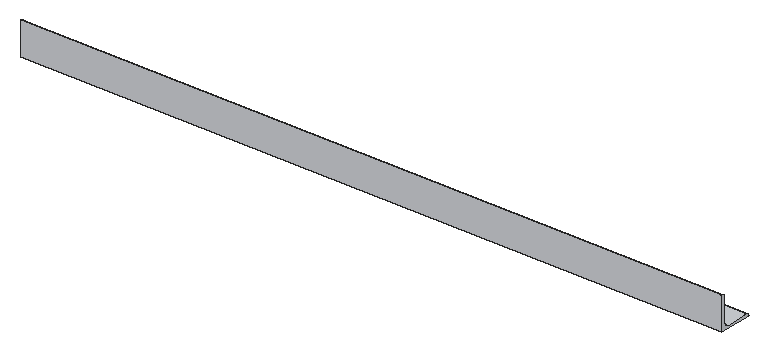
Revit family "AVLN_Набор перемычек", category Обобщенные модели, Revit 2021 (continued)
Types (59, lengths in mm): name | Элемент 9(3) | Элемент 8(2) | Элемент 6(1) | Элемент 5(1) | Элемент 4(1) | Элемент 3(1) | Элемент 2(1) | Элемент 1(1)_Материал | Элемент 1(1) | Ширина проема Элементы8(2)_9(3) | Элементы соединительные(3) | Шаг анкера | Стена_толщина | Полка_правая | Полка_левая | Отступ анкера | Количество анкеров на уголок | Горизонтальное смещение Элемент1-6(1) | Расчетное расстояние от произвольной плоскости | Соединительные Привязка_Элемент 9(3) | Высота Элемент 8(2) | Элементы крепления(2) | Отступ Элемент 8(2) | Высота Элемент 9(3) | Элемент 6(1)_Видимость | Элемент 5(1)_Видимость | Элемент 4(1)_Видимость | Элемент 3(1)_Видимость | Элемент 2(1)_Видимость | Высота Элемент 1(1) | Отступ от 5 до 6 | Отступ от 4 до 5 | Отступ от 3 до 4 | Отступ от 2 до 3 | Отступ от 1 до 2 | Отступ до Элемент 1 | Крепление_Справа_Видимость | Крепление_Справа(2) | Крепление_Слева_Видимость | Крепление_Слева(2) | Количество горизонтальных элементов | Высота Анкер | Анкер_справа_2_видимость | Анкер_справа_1_видимость | Анкер_слева_2_видимость | Анкер_слева_1_видимость | Анкер справа | Анкер слева
  Перемычка_ЖБ_1ПБ 13-1 1290 2 шт. | Перемычки - Пластина (ГОСТ 103-76) : 80х6, L=250 | Перемычки - Уголок (ГОСТ 8509-93)(Поворот.Зеркальный) : 125х8, L=200(Пов. 180) | Перемычки - Уголок (ГОСТ 8509-93)1 : 125х8, L=200 2 | Перемычки ЖБ : 3ПБ27-8-П *2380 | Перемычки ЖБ : 4ПБ48-8-П *4380 | Перемычки ЖБ : 2ПБ10-1-П *830 | Перемычки ЖБ : 1ПБ 13-1-п | none | Перемычки ЖБ : 1ПБ 13-1-п | 1010 | no | 150 | 250 | 140 | 140 | 50 | 2 | 0 | 2500 | 255 | -2.6 | no | 105 | 0 | no | no | no | no | yes | 0 | 140 | 130 | 146.078 | 165 | 130 | 0 | no | no | no | no | 2 | 50 | no | no | no | no | no | no
  Перемычка_ППБ 1795.25.25 | Перемычки - Пластина (ГОСТ 103-76) : 80х6, L=250 | Перемычки - Уголок (ГОСТ 8509-93)(Поворот-Зеркальный) : 70х5, L=250(Пов. 180) | Перемычки - Уголок (ГОСТ 8509-93)1 : 70х5, L=250 | Перемычки ЖБ : 3ПБ27-8-П *2380 | Перемычки ЖБ : 4ПБ48-8-П *4380 | Перемычки ЖБ : 2ПБ10-1-П *830 | Перемычки ЖБ : 2ПБ13-1-П *1090 | ADSK_Бетон | Перемычки ППБ : ППБ 1795.250.25 | 1795 | no | 150 | 250 | 0 | 0 | 50 | 2 | 0 | 2500 | 647.5 | 42 | yes | 0 | 0 | no | no | no | no | no | 50 | 140 | 130 | 146.078 | 165 | 125 | 0 | yes | yes | yes | yes | 1 | 50 | yes | yes | yes | yes | yes | yes
  Перемычка_ППБ 190.25.25 | Перемычки - Пластина (ГОСТ 103-76) : 80х6, L=250 | Перемычки - Уголок (ГОСТ 8509-93)(Поворот.Зеркальный) : 125х8, L=200(Пов. 180) | Перемычки - Уголок (ГОСТ 8509-93)1 : 125х8, L=200 2 | Перемычки ЖБ : 3ПБ27-8-П *2380 | Перемычки ЖБ : 4ПБ48-8-П *4380 | Перемычки ЖБ : 2ПБ10-1-П *830 | Перемычки ЖБ : 2ПБ13-1-П *1090 | ADSK_Бетон | Перемычки ППБ : ППБ 190.250.25 | 1275 | no | 150 | 250 | 0 | 0 | 50 | 2 | 0 | 2500 | 387.5 | -2.6 | no | 105 | 0 | no | no | no | no | no | 50 | 140 | 130 | 146.078 | 165 | 125 | 0 | no | no | no | no | 1 | 50 | no | no | no | no | no | no
  Перемычка_ППБ 140.25.25 | Перемычки - Пластина (ГОСТ 103-76) : 80х6, L=250 | Перемычки - Уголок (ГОСТ 8509-93)(Поворот-Зеркальный) : 70х5, L=250(Пов. 180) | Перемычки - Уголок (ГОСТ 8509-93)1 : 70х5, L=250 | Перемычки ЖБ : 3ПБ27-8-П *2380 | Перемычки ЖБ : 4ПБ48-8-П *4380 | Перемычки ЖБ : 2ПБ10-1-П *830 | Перемычки ЖБ : 2ПБ13-1-П *1090 | ADSK_Бетон | Перемычки ППБ : ППБ 140.250.25 | 1150 | no | 150 | 250 | 250 | 0 | 50 | 2 | 125 | 2625 | 325 | -8 | yes | 0 | 0 | no | no | no | no | no | 0 | 0 | 0 | 0 | 0 | 125 | 0 | yes | yes | no | no | 1 | 50 | yes | yes | no | no | yes | no
  Перемычка_ППБ 330.25.25 | Перемычки - Пластина (ГОСТ 103-76) : 80х6, L=250 | Перемычки - Уголок (ГОСТ 8509-93)(Поворот.Зеркальный) : 125х8, L=200(Пов. 180) | Перемычки - Уголок (ГОСТ 8509-93)1 : 125х8, L=200 2 | Перемычки ЖБ : 3ПБ27-8-П *2380 | Перемычки ЖБ : 4ПБ48-8-П *4380 | Перемычки ЖБ : 2ПБ10-1-П *830 | Перемычки ЖБ : 2ПБ13-1-П *1090 | ADSK_Бетон | Перемычки ППБ : ППБ 330.250.25 | 2740 | no | 150 | 250 | 0 | 0 | 50 | 2 | 0 | 2500 | 1120 | -2.6 | no | 105 | 0 | no | no | no | no | no | 50 | 140 | 130 | 146.078 | 165 | 125 | 0 | no | no | no | no | 1 | 50 | no | no | no | no | no | no
  Перемычка_ППБ 170.25.25 | Перемычки - Пластина (ГОСТ 103-76) : 80х6, L=250 | Перемычки - Уголок (ГОСТ 8509-93)(Поворот.Зеркальный) : 125х8, L=200(Пов. 180) | Перемычки - Уголок (ГОСТ 8509-93)1 : 125х8, L=200 2 | Перемычки ЖБ : 3ПБ27-8-П *2380 | Перемычки ЖБ : 4ПБ48-8-П *4380 | Перемычки ЖБ : 2ПБ10-1-П *830 | Перемычки ЖБ : 2ПБ13-1-П *1090 | ADSK_Бетон | Перемычки ППБ : ППБ 170.250.25 | 1150 | no | 150 | 250 | 0 | 0 | 50 | 2 | 0 | 2500 | 325 | -2.6 | no | 105 | 0 | no | no | no | no | no | 50 | 140 | 130 | 146.078 | 165 | 125 | 0 | no | no | no | no | 1 | 50 | no | no | no | no | no | no
  Перемычка_ППБ 310.25.25 | Перемычки - Пластина (ГОСТ 103-76) : 80х6, L=250 | Перемычки - Уголок (ГОСТ 8509-93)(Поворот.Зеркальный) : 125х8, L=200(Пов. 180) | Перемычки - Уголок (ГОСТ 8509-93)1 : 125х8, L=200 2 | Перемычки ЖБ : 3ПБ27-8-П *2380 | Перемычки ЖБ : 4ПБ48-8-П *4380 | Перемычки ЖБ : 2ПБ10-1-П *830 | Перемычки ЖБ : 2ПБ13-1-П *1090 | ADSK_Бетон | Перемычки ППБ : ППБ 310.250.25 | 2550 | no | 150 | 250 | 0 | 0 | 50 | 2 | 0 | 2500 | 1025 | -2.6 | no | 105 | 0 | no | no | no | no | no | 0 | 140 | 130 | 146.078 | 165 | 125 | 0 | no | no | no | no | 1 | 50 | no | no | no | no | no | no
  Перемычка_Уголок_70х70х5 L=1330 к ЖБ справа | Перемычки - Пластина (ГОСТ 103-76) : 80х6, L=250 | Перемычки - Уголок (ГОСТ 8509-93)(Поворот-Зеркальный) : 70х5, L=250(Пов. 180) | Перемычки - Уголок (ГОСТ 8509-93)1 : 125х8, L=200 | Перемычки ЖБ : 3ПБ27-8-П *2380 | Перемычки ЖБ : 4ПБ48-8-П *4380 | Перемычки ЖБ : 2ПБ10-1-П *830 | Перемычки - Уголок (ГОСТ 8509-93)(Зеркальный) : 70х5, L=1330(Зеркальный) | none | Перемычки - Уголок (ГОСТ 8509-93)1 : 70х5, L=1330 | 1100 | yes | 150 | 250 | 220 | 0 | 50 | 2 | 110 | 2610 | 300 | -10 | yes | 0 | 0 | no | no | no | no | yes | 0 | 0 | 0 | 0 | 0 | 250 | 0 | no | no | yes | yes | 2 | 30 | no | no | yes | yes | no | yes
  Перемычка_Уголок_70х70х5 L=1300(1 уголок) К ЖБ справа | BRU_БетонныеПеремычки : 1ПБ10-1 | Перемычки - Уголок (ГОСТ 8509-93)1 : 70х5, L=90 | Перемычки - Уголок (ГОСТ 8509-93)1 : 125х8, L=200 | Перемычки ЖБ : 3ПБ27-8-П *2380 | Перемычки ЖБ : 4ПБ48-8-П *4380 | Перемычки ЖБ : 2ПБ10-1-П *830 | BRU_БетонныеПеремычки : 1ПБ10-1 | none | Перемычки - Уголок (ГОСТ 8509-93)1 : 70х5, L=1300 | 1000 | no | 150 | 90 | 290 | 0 | 50 | 1 | 145 | 2645 | 250 | -10 | yes | 0 | 0 | no | no | no | no | no | 0 | 0 | 0 | 0 | 0 | 250 | 0 | yes | yes | no | no | 1 | 50 | no | yes | no | no | yes | no
  Перемычка_ППБ 3025.25.14_Крепление с двух сторон | Перемычки - Пластина (ГОСТ 103-76) : 80х6, L=250 | Перемычки - Уголок (ГОСТ 8509-93)(Поворот-Зеркальный) : 70х5, L=250(Пов. 180) | Перемычки - Уголок (ГОСТ 8509-93)1 : 125х8, L=200 2 | Перемычки ЖБ : 3ПБ27-8-П *2380 | Перемычки ЖБ : 4ПБ48-8-П *4380 | Перемычки ЖБ : 2ПБ10-1-П *830 | Перемычки ЖБ : 2ПБ13-1-П *1090 | none | Перемычки ППБ : ППБ 3025.25.14 | 2670 | no | 150 | 250 | 242.5 | 102.5 | 50 | 2 | 70 | 2570 | 1085 | -8 | yes | 0 | 0 | no | no | no | no | no | 0 | 140 | 130 | 146.078 | 165 | 125 | 0 | yes | yes | yes | yes | 1 | 30 | yes | yes | yes | yes | yes | yes
  Перемычка_ППБ 318.25.14_Крепление с двух сторон | Перемычки - Пластина (ГОСТ 103-76) : 80х6, L=250 | Перемычки - Уголок (ГОСТ 8509-93)(Поворот-Зеркальный) : 70х5, L=250(Пов. 180) | Перемычки - Уголок (ГОСТ 8509-93)1 : 125х8, L=200 2 | Перемычки ЖБ : 3ПБ27-8-П *2380 | Перемычки ЖБ : 4ПБ48-8-П *4380 | Перемычки ЖБ : 2ПБ10-1-П *830 | Перемычки ЖБ : 2ПБ13-1-П *1090 | none | Перемычки ППБ : ППБ 318.25.14 | 2670 | no | 150 | 250 | 255 | 255 | 50 | 2 | 0 | 2500 | 1085 | -8 | yes | 0 | 0 | no | no | no | no | no | 0 | 140 | 130 | 146.078 | 165 | 125 | 0 | yes | yes | yes | yes | 1 | 30 | yes | yes | yes | yes | yes | yes
  Перемычка_ППБ 330.25.14 | Перемычки - Пластина (ГОСТ 103-76) : 80х6, L=250 | Перемычки - Уголок (ГОСТ 8509-93)(Поворот.Зеркальный) : 125х8, L=200(Пов. 180) | Перемычки - Уголок (ГОСТ 8509-93)1 : 125х8, L=200 2 | Перемычки ЖБ : 3ПБ27-8-П *2380 | Перемычки ЖБ : 4ПБ48-8-П *4380 | Перемычки ЖБ : 2ПБ10-1-П *830 | Перемычки ЖБ : 2ПБ13-1-П *1090 | ADSK_Бетон | Перемычки ППБ : ППБ 330.25.14 | 2740 | no | 150 | 250 | 0 | 0 | 50 | 2 | 0 | 2500 | 1120 | -2.6 | no | 105 | 0 | no | no | no | no | no | 0 | 140 | 130 | 146.078 | 165 | 125 | 0 | no | no | no | no | 1 | 50 | no | no | no | no | no | no
  Перемычка_ППБ 3330.25.14_Крепление с двух сторон | Перемычки - Пластина (ГОСТ 103-76) : 80х6, L=250 | Перемычки - Уголок (ГОСТ 8509-93)(Поворот-Зеркальный) : 70х5, L=250(Пов. 180) | Перемычки - Уголок (ГОСТ 8509-93)1 : 125х8, L=200 2 | Перемычки ЖБ : 3ПБ27-8-П *2380 | Перемычки ЖБ : 4ПБ48-8-П *4380 | Перемычки ЖБ : 2ПБ10-1-П *830 | Перемычки ЖБ : 2ПБ13-1-П *1090 | none | Перемычки ППБ : ППБ 3330.25.14 | 2670 | no | 150 | 250 | 300 | 300 | 50 | 2 | 0 | 2500 | 1085 | -8 | yes | 0 | 0 | no | no | no | no | no | 0 | 140 | 130 | 146.078 | 165 | 125 | 0 | yes | yes | yes | yes | 1 | 30 | yes | yes | yes | yes | yes | yes
  Перемычка_ППБ 3285.25.14_Крепление с двух сторон | Перемычки - Пластина (ГОСТ 103-76) : 80х6, L=250 | Перемычки - Уголок (ГОСТ 8509-93)(Поворот-Зеркальный) : 70х5, L=250(Пов. 180) | Перемычки - Уголок (ГОСТ 8509-93)1 : 125х8, L=200 2 | Перемычки ЖБ : 3ПБ27-8-П *2380 | Перемычки ЖБ : 4ПБ48-8-П *4380 | Перемычки ЖБ : 2ПБ10-1-П *830 | Перемычки ЖБ : 2ПБ13-1-П *1090 | none | Перемычки ППБ : ППБ 3285.25.14 | 2670 | no | 150 | 250 | 300 | 300 | 50 | 2 | 0 | 2500 | 1085 | -8 | yes | 0 | 0 | no | no | no | no | no | 0 | 140 | 130 | 146.078 | 165 | 125 | 0 | yes | yes | yes | yes | 1 | 30 | yes | yes | yes | yes | yes | yes
  Перемычка_ППБ 305.25.14 | Перемычки - Пластина (ГОСТ 103-76) : 80х6, L=250 | Перемычки - Уголок (ГОСТ 8509-93)(Поворот.Зеркальный) : 125х8, L=200(Пов. 180) | Перемычки - Уголок (ГОСТ 8509-93)1 : 125х8, L=200 2 | Перемычки ЖБ : 3ПБ27-8-П *2380 | Перемычки ЖБ : 4ПБ48-8-П *4380 | Перемычки ЖБ : 2ПБ10-1-П *830 | Перемычки ЖБ : 2ПБ13-1-П *1090 | none | Перемычки ППБ : ППБ 305.25.14 | 2670 | no | 150 | 250 | 250 | 250 | 50 | 2 | 0 | 2500 | 1085 | -2.6 | no | 105 | 0 | no | no | no | no | no | 0 | 140 | 130 | 146.078 | 165 | 125 | 0 | no | no | no | no | 1 | 50 | no | no | no | no | no | no
  Перемычка_ППБ 3205.25.14_Крепление с двух сторон | Перемычки - Пластина (ГОСТ 103-76) : 80х6, L=250 | Перемычки - Уголок (ГОСТ 8509-93)(Поворот-Зеркальный) : 70х5, L=250(Пов. 180) | Перемычки - Уголок (ГОСТ 8509-93)1 : 125х8, L=200 2 | Перемычки ЖБ : 3ПБ27-8-П *2380 | Перемычки ЖБ : 4ПБ48-8-П *4380 | Перемычки ЖБ : 2ПБ10-1-П *830 | Перемычки ЖБ : 2ПБ13-1-П *1090 | none | Перемычки ППБ : ППБ 3205.25.14 | 2670 | no | 150 | 250 | 250 | 250 | 50 | 2 | 0 | 2500 | 1085 | -8 | yes | 0 | 0 | no | no | no | no | no | 0 | 140 | 130 | 146.078 | 165 | 125 | 0 | yes | yes | yes | yes | 1 | 30 | yes | yes | yes | yes | yes | yes
  Перемычка_ППБ 315.25.14_УголокСправа | Перемычки - Пластина (ГОСТ 103-76) : 80х6, L=250 | Перемычки - Уголок (ГОСТ 8509-93)(Поворот-Зеркальный) : 70х5, L=250(Пов. 180) | Перемычки - Уголок (ГОСТ 8509-93)1 : 125х8, L=200 2 | Перемычки ЖБ : 3ПБ27-8-П *2380 | Перемычки ЖБ : 4ПБ48-8-П *4380 | Перемычки ЖБ : 2ПБ10-1-П *830 | Перемычки ЖБ : 2ПБ13-1-П *1090 | none | Перемычки ППБ : ППБ 3150.25.14 | 2670 | no | 150 | 250 | 355 | 125 | 50 | 2 | 115 | 2615 | 1085 | -8 | yes | 0 | 0 | no | no | no | no | no | 0 | 140 | 130 | 146.078 | 165 | 125 | 0 | yes | yes | no | no | 1 | 30 | yes | yes | no | no | yes | no
  Перемычка_ППБ 3015.25.14_Крепление с двух сторон | Перемычки - Пластина (ГОСТ 103-76) : 80х6, L=250 | Перемычки - Уголок (ГОСТ 8509-93)(Поворот-Зеркальный) : 70х5, L=250(Пов. 180) | Перемычки - Уголок (ГОСТ 8509-93)1 : 125х8, L=200 2 | Перемычки ЖБ : 3ПБ27-8-П *2380 | Перемычки ЖБ : 4ПБ48-8-П *4380 | Перемычки ЖБ : 2ПБ10-1-П *830 | Перемычки ЖБ : 2ПБ13-1-П *1090 | none | Перемычки ППБ : ППБ 3015.25.14 | 2670 | no | 150 | 250 | 242.5 | 102.5 | 50 | 2 | 70 | 2570 | 1085 | -8 | yes | 0 | 0 | no | no | no | no | no | 0 | 140 | 130 | 146.078 | 165 | 125 | 0 | yes | yes | yes | yes | 1 | 30 | yes | yes | yes | yes | yes | yes
  Перемычка_ППБ 294.25.14_Крепление с двух сторон | Перемычки - Пластина (ГОСТ 103-76) : 80х6, L=250 | Перемычки - Уголок (ГОСТ 8509-93)(Поворот-Зеркальный) : 70х5, L=250(Пов. 180) | Перемычки - Уголок (ГОСТ 8509-93)1 : 125х8, L=200 2 | Перемычки ЖБ : 3ПБ27-8-П *2380 | Перемычки ЖБ : 4ПБ48-8-П *4380 | Перемычки ЖБ : 2ПБ10-1-П *830 | Перемычки ЖБ : 2ПБ13-1-П *1090 | none | Перемычки ППБ : ППБ 294.25.14 | 2670 | no | 150 | 250 | 130 | 130 | 50 | 2 | 0 | 2500 | 1085 | -8 | yes | 0 | 0 | no | no | no | no | no | 0 | 140 | 130 | 146.078 | 165 | 125 | 0 | yes | yes | yes | yes | 1 | 30 | yes | yes | yes | yes | yes | yes
  Перемычка_ППБ 342.25.14 | Перемычки - Пластина (ГОСТ 103-76) : 80х6, L=250 | Перемычки - Уголок (ГОСТ 8509-93)(Поворот.Зеркальный) : 125х8, L=200(Пов. 180) | Перемычки - Уголок (ГОСТ 8509-93)1 : 125х8, L=200 2 | Перемычки ЖБ : 3ПБ27-8-П *2380 | Перемычки ЖБ : 4ПБ48-8-П *4380 | Перемычки ЖБ : 2ПБ10-1-П *830 | Перемычки ЖБ : 2ПБ13-1-П *1090 | ADSK_Бетон | Перемычки ППБ : ППБ 342.25.14 | 2920 | no | 150 | 250 | 250 | 250 | 50 | 2 | 0 | 2500 | 1210 | -2.6 | no | 105 | 0 | no | no | no | no | no | 0 | 140 | 130 | 146.078 | 165 | 125 | 0 | no | no | no | no | 1 | 50 | no | no | no | no | no | no
  Перемычка_ППБ 321.25.18_Крепление с двух сторон | Перемычки - Пластина (ГОСТ 103-76) : 80х6, L=250 | Перемычки - Уголок (ГОСТ 8509-93)(Поворот-Зеркальный) : 70х5, L=250(Пов. 180) | Перемычки - Уголок (ГОСТ 8509-93)1 : 125х8, L=200 2 | Перемычки ЖБ : 3ПБ27-8-П *2380 | Перемычки ЖБ : 4ПБ48-8-П *4380 | Перемычки ЖБ : 2ПБ10-1-П *830 | Перемычки ЖБ : 2ПБ13-1-П *1090 | none | Перемычки ППБ : ППБ 321.25.18 | 2920 | no | 150 | 250 | 145 | 145 | 50 | 2 | 0 | 2500 | 1210 | -8 | yes | 0 | 0 | no | no | no | no | no | 0 | 140 | 130 | 146.078 | 165 | 125 | 0 | yes | yes | yes | yes | 1 | 30 | yes | yes | yes | yes | yes | yes
  Перемычка_ППБ 3205.25.14 | Перемычки - Пластина (ГОСТ 103-76) : 80х6, L=250 | Перемычки - Уголок (ГОСТ 8509-93)(Поворот.Зеркальный) : 125х8, L=200(Пов. 180) | Перемычки - Уголок (ГОСТ 8509-93)1 : 125х8, L=200 2 | Перемычки ЖБ : 3ПБ27-8-П *2380 | Перемычки ЖБ : 4ПБ48-8-П *4380 | Перемычки ЖБ : 2ПБ10-1-П *830 | Перемычки ЖБ : 2ПБ13-1-П *1090 | ADSK_Бетон | Перемычки ППБ : ППБ 3205.25.14 | 2705 | no | 150 | 250 | 0 | 0 | 50 | 2 | 0 | 2500 | 1102.5 | -2.6 | no | 105 | 0 | no | no | no | no | no | 0 | 140 | 130 | 146.078 | 165 | 125 | 0 | no | no | no | no | 1 | 50 | no | no | no | no | no | no
  Перемычка_ППБ 3205.25.18 | Перемычки - Пластина (ГОСТ 103-76) : 80х6, L=250 | Перемычки - Уголок (ГОСТ 8509-93)(Поворот.Зеркальный) : 125х8, L=200(Пов. 180) | Перемычки - Уголок (ГОСТ 8509-93)1 : 125х8, L=200 2 | Перемычки ЖБ : 3ПБ27-8-П *2380 | Перемычки ЖБ : 4ПБ48-8-П *4380 | Перемычки ЖБ : 2ПБ10-1-П *830 | Перемычки ЖБ : 2ПБ13-1-П *1090 | ADSK_Бетон | Перемычки ППБ : ППБ 3205.25.18 | 2705 | no | 150 | 250 | 0 | 0 | 50 | 2 | 0 | 2500 | 1102.5 | -2.6 | no | 105 | 0 | no | no | no | no | no | 0 | 140 | 130 | 146.078 | 165 | 125 | 0 | no | no | no | no | 1 | 50 | no | no | no | no | no | no
  Перемычка_ППБ 301.25.14_УголокСправа | Перемычки - Пластина (ГОСТ 103-76) : 80х6, L=250 | Перемычки - Уголок (ГОСТ 8509-93)(Поворот-Зеркальный) : 70х5, L=250(Пов. 180) | Перемычки - Уголок (ГОСТ 8509-93)1 : 125х8, L=200 2 | Перемычки ЖБ : 3ПБ27-8-П *2380 | Перемычки ЖБ : 4ПБ48-8-П *4380 | Перемычки ЖБ : 2ПБ10-1-П *830 | Перемычки ЖБ : 2ПБ13-1-П *1090 | none | Перемычки ППБ : ППБ 301.25.14 | 2670 | no | 150 | 250 | 90 | 250 | 50 | 2 | -80 | 2420 | 1085 | -8 | yes | 0 | 0 | no | no | no | no | no | 0 | 140 | 130 | 146.078 | 165 | 125 | 0 | yes | yes | no | no | 1 | 30 | yes | yes | no | no | yes | no
  Перемычка_ППБ 312.25.14_Крепление с двух сторон | Перемычки - Пластина (ГОСТ 103-76) : 80х6, L=250 | Перемычки - Уголок (ГОСТ 8509-93)(Поворот-Зеркальный) : 70х5, L=250(Пов. 180) | Перемычки - Уголок (ГОСТ 8509-93)1 : 125х8, L=200 2 | Перемычки ЖБ : 3ПБ27-8-П *2380 | Перемычки ЖБ : 4ПБ48-8-П *4380 | Перемычки ЖБ : 2ПБ10-1-П *830 | Перемычки ЖБ : 2ПБ13-1-П *1090 | none | Перемычки ППБ : ППБ 312.25.14 | 2670 | no | 150 | 250 | 225 | 225 | 50 | 2 | 0 | 2500 | 1085 | -8 | yes | 0 | 0 | no | no | no | no | no | 0 | 140 | 130 | 146.078 | 165 | 125 | 0 | yes | yes | yes | yes | 1 | 30 | yes | yes | yes | yes | yes | yes
  Перемычка_ППБ 272.25.14_Крепление с двух сторон | Перемычки - Пластина (ГОСТ 103-76) : 80х6, L=250 | Перемычки - Уголок (ГОСТ 8509-93)(Поворот-Зеркальный) : 70х5, L=250(Пов. 180) | Перемычки - Уголок (ГОСТ 8509-93)1 : 125х8, L=200 2 | Перемычки ЖБ : 3ПБ27-8-П *2380 | Перемычки ЖБ : 4ПБ48-8-П *4380 | Перемычки ЖБ : 2ПБ10-1-П *830 | Перемычки ЖБ : 2ПБ13-1-П *1090 | none | Перемычки ППБ : ППБ 272.25.14 | 2670 | no | 150 | 250 | 25 | 25 | 50 | 2 | 0 | 2500 | 1085 | -8 | yes | 0 | 0 | no | no | no | no | no | 0 | 140 | 130 | 146.078 | 165 | 125 | 0 | yes | yes | yes | yes | 1 | 30 | yes | yes | yes | yes | yes | yes
  Перемычка_ППБ 287.25.14 _УголокСлева | Перемычки - Пластина (ГОСТ 103-76) : 80х6, L=250 | Перемычки - Уголок (ГОСТ 8509-93)(Поворот-Зеркальный) : 70х5, L=250(Пов. 180) | Перемычки - Уголок (ГОСТ 8509-93)1 : 125х8, L=200 2 | Перемычки ЖБ : 3ПБ27-8-П *2380 | Перемычки ЖБ : 4ПБ48-8-П *4380 | Перемычки ЖБ : 2ПБ10-1-П *830 | Перемычки ЖБ : 2ПБ13-1-П *1090 | none | Перемычки ППБ : ППБ 287.25.14 | 2670 | no | 90 | 250 | 0 | 200 | 70 | 2 | -100 | 2400 | 1085 | -8 | yes | 0 | 0 | no | no | no | no | no | 0 | 0 | 130 | 146.078 | 165 | 125 | 0 | no | no | yes | yes | 1 | 30 | no | no | yes | yes | no | yes
  Перемычка_ППБ 184.25.25 крепление к пилону с двух сторон | Перемычки - Пластина (ГОСТ 103-76) : 80х6, L=250 | Перемычки - Уголок (ГОСТ 8509-93)(Поворот-Зеркальный) : 70х5, L=250(Пов. 180) | Перемычки - Уголок (ГОСТ 8509-93)1 : 70х5, L=250 | Перемычки ЖБ : 3ПБ27-8-П *2380 | Перемычки ЖБ : 4ПБ48-8-П *4380 | Перемычки ЖБ : 2ПБ10-1-П *830 | Перемычки ЖБ : 2ПБ13-1-П *1090 | ADSK_Бетон | Перемычки ППБ : ППБ 184.250.25 | 1840 | no | 150 | 250 | 0 | 0 | 50 | 2 | 0 | 2500 | 670 | 42 | yes | 0 | 0 | no | no | no | no | no | 50 | 140 | 130 | 146.078 | 165 | 125 | 0 | yes | yes | yes | yes | 1 | 50 | yes | yes | yes | yes | yes | yes
